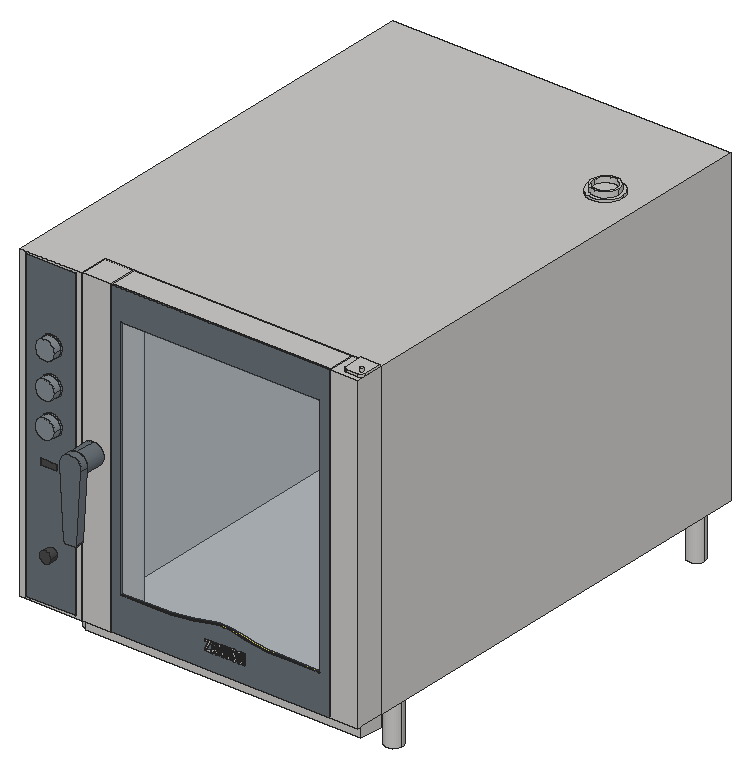
Revit family "QF_ZANUSSI_240456_ZFCE12CSDS", category Specialty Equipment, Revit 2023 (continued)
Definition of nested family "ZAN_DOOR_CROSSWISE_H820"
  Automatic sketch dimensions
    plane 13 to Extrusion 14 sketch curve = 38.728 mm
    plane 13 to Extrusion 14 sketch curve = 93.987 mm
    Extrusion 14 sketch curve to Extrusion 14 sketch curve = 1.078 mm  (x2)
    Extrusion 14 sketch curve to Extrusion 14 sketch curve = 20.088 mm  (x2)
    Extrusion 14 sketch curve to Extrusion 14 sketch curve = 0.669 mm
    plane 9 to Extrusion 14 sketch curve = 132.513 mm
    plane 9 to Extrusion 14 sketch curve = 125.32 mm
    plane 9 to Extrusion 14 sketch curve = 57.166 mm
    plane 16 to Extrusion 14 sketch curve = 93.896 mm
    Extrusion 14 sketch curve to Extrusion 14 sketch curve = 0.343 mm
    Extrusion 14 sketch curve to Extrusion 14 sketch curve = 0.346 mm
    Extrusion 14 sketch curve to Extrusion 14 sketch curve = 1.209 mm
    Extrusion 14 sketch curve to Extrusion 14 sketch curve = 5.816 mm  (x2)
    Extrusion 14 sketch curve to Extrusion 14 sketch curve = 5.779 mm
    Extrusion 14 sketch curve to Extrusion 14 sketch curve = 5.783 mm
    Extrusion 15 sketch curve to Extrusion 15 sketch curve = 0 mm  (x13)
    Extrusion 15 sketch curve to plane 9 = 0 mm
    plane 13 to Extrusion 15 sketch curve = 0 mm
    Extrusion 15 sketch curve to plane 4 "Top" = 59.547 mm  (x2)
    plane 8 to Extrusion 15 sketch curve = 0.808 mm  (x2)
    plane 17 to Extrusion 15 sketch curve = 113.011 mm  (x2)
    Extrusion 15 sketch curve to Extrusion 15 sketch curve = 0.173 mm  (x2)
    Extrusion 15 sketch curve to Extrusion 15 sketch curve = 19.857 mm  (x2)
    Extrusion 15 sketch curve to Extrusion 15 sketch curve = 19.97 mm  (x2)
    plane 16 to Extrusion 15 sketch curve = 75.313 mm  (x2)
    Extrusion 15 sketch curve to Extrusion 15 sketch curve = 0.426 mm  (x2)
    Extrusion 15 sketch curve to Extrusion 15 sketch curve = 2.497 mm  (x2)
    Extrusion 15 sketch curve to Extrusion 15 sketch curve = 2.422 mm  (x2)
    plane 16 to Extrusion 15 sketch curve = 72.277 mm  (x2)
    plane 5 "Feet" to Extrusion 15 sketch curve = 14.106 mm
    Extrusion 15 sketch curve to Extrusion 15 sketch curve = 14.485 mm
    Extrusion 15 sketch curve to Extrusion 15 sketch curve = 15.571 mm
    Extrusion 15 sketch curve to level = 90.354 mm
    plane 13 to Extrusion 15 sketch curve = 172.943 mm
    Extrusion 15 sketch curve to Extrusion 15 sketch curve = 250.632 mm
    plane 13 to Extrusion 15 sketch curve = 38.728 mm
    plane 13 to Extrusion 15 sketch curve = 66.611 mm
    Extrusion 15 sketch curve to Extrusion 15 sketch curve = 79.596 mm
    Extrusion 15 sketch curve to Extrusion 15 sketch curve = 14.39 mm
    Extrusion 15 sketch curve to Extrusion 15 sketch curve = 0.048 mm  (x2)
    plane 13 to Extrusion 15 sketch curve = 105.804 mm
    Extrusion 15 sketch curve to Extrusion 15 sketch curve = 1.078 mm  (x2)
    Extrusion 15 sketch curve to Extrusion 15 sketch curve = 1.817 mm
    Extrusion 15 sketch curve to Extrusion 15 sketch curve = 0.955 mm  (x2)
    Extrusion 15 sketch curve to Extrusion 15 sketch curve = 20.088 mm
    Extrusion 15 sketch curve to Extrusion 15 sketch curve = 0.061 mm  (x2)
    plane 13 to Extrusion 15 sketch curve = 221.698 mm
    Extrusion 15 sketch curve to Extrusion 15 sketch curve = 28.998 mm
    Extrusion 15 sketch curve to Extrusion 15 sketch curve = 2.06 mm
    Extrusion 15 sketch curve to Extrusion 15 sketch curve = 0.191 mm
    Extrusion 15 sketch curve to Extrusion 15 sketch curve = 0.669 mm
    Extrusion 15 sketch curve to Extrusion 15 sketch curve = 1.051 mm
    Extrusion 15 sketch curve to Extrusion 15 sketch curve = 5.17 mm
    Extrusion 15 sketch curve to Extrusion 15 sketch curve = 63.165 mm
    Extrusion 15 sketch curve to Extrusion 15 sketch curve = 160.676 mm
    plane 9 to Extrusion 15 sketch curve = 132.574 mm
    plane 9 to Extrusion 15 sketch curve = 126.275 mm
    Extrusion 15 sketch curve to Extrusion 15 sketch curve = 0.216 mm
    Extrusion 15 sketch curve to Extrusion 15 sketch curve = 20.101 mm
    Extrusion 15 sketch curve to Extrusion 15 sketch curve = 14.439 mm
    plane 9 to Extrusion 15 sketch curve = 85.049 mm
    plane 9 to Extrusion 15 sketch curve = 57.166 mm
    plane 16 to Extrusion 15 sketch curve = 93.896 mm
    Extrusion 15 sketch curve to Extrusion 15 sketch curve = 0.343 mm
    Extrusion 15 sketch curve to Extrusion 15 sketch curve = 0.346 mm
    Extrusion 15 sketch curve to Extrusion 15 sketch curve = 1.209 mm
    Extrusion 15 sketch curve to Extrusion 15 sketch curve = 2.747 mm
    Extrusion 15 sketch curve to Extrusion 15 sketch curve = 2.745 mm  (x2)
    Extrusion 15 sketch curve to Extrusion 15 sketch curve = 2.666 mm
    Extrusion 15 sketch curve to Extrusion 15 sketch curve = 2.667 mm
    Extrusion 15 sketch curve to Extrusion 15 sketch curve = 5.816 mm  (x2)
    Extrusion 15 sketch curve to Extrusion 15 sketch curve = 2.231 mm
    Extrusion 15 sketch curve to Extrusion 15 sketch curve = 5.779 mm
    Extrusion 15 sketch curve to Extrusion 15 sketch curve = 5.783 mm
    Extrusion 15 sketch curve to Extrusion 15 sketch curve = 2.602 mm
    Extrusion 15 sketch curve to Extrusion 15 sketch curve = 2.603 mm
    Extrusion 2 sketch curve to plane 4 "Top" = 0 mm
    Extrusion 2 sketch curve to plane 8 = 0 mm
    Extrusion 2 sketch curve to plane 9 = 0 mm
    Extrusion 2 sketch curve to plane 5 "Feet" = 0 mm
    plane 8 to Extrusion 2 sketch curve = 0.808 mm  (x2)
    plane 17 to Extrusion 2 sketch curve = 113.011 mm  (x2)
    Extrusion 2 sketch curve to Extrusion 2 sketch curve = 40 mm  (x2)
    plane 16 to Extrusion 2 sketch curve = 72.816 mm
    Extrusion 2 sketch curve to Extrusion 2 sketch curve = 0.351 mm  (x2)
    plane 16 to Extrusion 2 sketch curve = 72.277 mm
    Extrusion 2 sketch curve to Extrusion 2 sketch curve = 0.187 mm  (x2)
    plane 5 "Feet" to Extrusion 2 sketch curve = 51.274 mm
    Extrusion 2 sketch curve to Extrusion 2 sketch curve = 0 mm  (x5)
    Extrusion 2 sketch curve to Extrusion 2 sketch curve = 15.473 mm
    plane 9 to Extrusion 2 sketch curve = 191.381 mm
    Extrusion 2 sketch curve to level = 340.986 mm
    plane 15 to Extrusion 2 sketch curve = 0 mm
    plane 13 to Extrusion 2 sketch curve = 66.611 mm
    plane 13 to Extrusion 2 sketch curve = 79.596 mm
    Extrusion 2 sketch curve to Extrusion 2 sketch curve = 14.439 mm  (x2)
    plane 13 to Extrusion 2 sketch curve = 107.621 mm
    Extrusion 2 sketch curve to Extrusion 2 sketch curve = 0.216 mm  (x2)
    Extrusion 2 sketch curve to Extrusion 2 sketch curve = 20.101 mm  (x2)
    Extrusion 2 sketch curve to Extrusion 2 sketch curve = 160.676 mm
    Extrusion 2 sketch curve to Extrusion 2 sketch curve = 137.516 mm
    Extrusion 2 sketch curve to Extrusion 2 sketch curve = 1.285 mm
    Extrusion 2 sketch curve to Extrusion 2 sketch curve = 0.691 mm
    Extrusion 2 sketch curve to Extrusion 2 sketch curve = 3.257 mm
    plane 9 to Extrusion 2 sketch curve = 132.574 mm
    plane 9 to Extrusion 2 sketch curve = 126.275 mm
    plane 9 to Extrusion 2 sketch curve = 85.049 mm
    Extrusion 2 sketch curve to plane 14 = 0 mm
    plane 16 to Extrusion 2 sketch curve = 90.843 mm
    Extrusion 2 sketch curve to Extrusion 2 sketch curve = 0.408 mm
    Extrusion 2 sketch curve to Extrusion 2 sketch curve = 0.411 mm
    Extrusion 2 sketch curve to Extrusion 2 sketch curve = 0.755 mm
    Extrusion 2 sketch curve to Extrusion 2 sketch curve = 0.758 mm
    Extrusion 2 sketch curve to Extrusion 2 sketch curve = 5.38 mm
    Extrusion 2 sketch curve to Extrusion 2 sketch curve = 6.15 mm
    Extrusion 2 sketch curve to Extrusion 2 sketch curve = 6.154 mm
    plane 13 to Extrusion 2 sketch curve = 0 mm
    plane 17 to Extrusion 14 sketch curve = 112.838 mm  (x2)
    Extrusion 14 sketch curve to level = 90.354 mm
    Extrusion 14 sketch curve to plane 3 "Center (Left/Right)" = 205.804 mm
    Extrusion 14 sketch curve to plane 3 "Center (Left/Right)" = 321.698 mm
    Extrusion 14 sketch curve to Extrusion 14 sketch curve = 138.871 mm
    Extrusion 14 sketch curve to Extrusion 14 sketch curve = 63.165 mm
    Extrusion 8 sketch curve to plane 17 = 0 mm
    Extrusion 8 sketch curve to plane 18 = 0 mm
    plane 18 to Extrusion 8 sketch curve = 11.817 mm
    Extrusion 8 sketch curve to Extrusion 8 sketch curve = 4.988 mm
    Extrusion 8 sketch curve to plane 17 = 1.756 mm
    Extrusion 8 sketch curve to plane 12 = 19.055 mm
    Extrusion 8 sketch curve to plane 18 = 11.817 mm
    Extrusion 8 sketch curve to Extrusion 8 sketch curve = 4.99 mm
    Extrusion 8 sketch curve to Extrusion 8 sketch curve = 176.899 mm
    Extrusion 8 sketch curve to Extrusion 8 sketch curve = 0 mm
    Extrusion 8 sketch curve to Extrusion 8 sketch curve = 0.313 mm
    Extrusion 8 sketch curve to plane 11 = 0.013 mm
    plane 1 "Center (Front/Back)" to curve 5 = 0 mm
    curve 8 to plane 3 "Center (Left/Right)" = 0 mm
    curve 14 to plane 3 "Center (Left/Right)" = 2.67 mm
    curve 12 to plane 3 "Center (Left/Right)" = 12.67 mm
    curve 16 to curve 13 = 4.431 mm
    curve 15 to curve 11 = 10 mm
    curve 4 to plane 12 = 11.987 mm
    curve 3 to plane 11 = 0.013 mm
    curve 6 to plane 11 = 0.004 mm
    curve 3 to curve 2 = 74.533 mm
    curve 13 to curve 16 = 8.081 mm
    curve 10 to plane 10 = 0 mm
    plane 9 to curve 9 = 0 mm
    curve 3 to curve 1 = 20 mm
    Extrusion 13 sketch curve to plane 6 "Front" = 0 mm
    Extrusion 13 sketch curve to plane 3 "Center (Left/Right)" = 0 mm
    Extrusion 13 sketch curve to plane 3 "Center (Left/Right)" = 17.33 mm
    plane 6 "Front" to Extrusion 13 sketch curve = 22.83 mm
    plane 11 to Extrusion 13 sketch curve = 0.004 mm
    curve 15 to plane 10 = 22.33 mm
    curve 3 to plane 6 "Front" = 75 mm
    plane 6 "Front" to curve 12 = 15 mm
    curve 18 to plane 6 "Front" = 0 mm
    curve 18 to plane 3 "Center (Left/Right)" = 0 mm
    curve 18 to curve 13 = 4.66 mm
    curve 18 to curve 13 = 2.17 mm
    curve 17 to curve 7 = 672.575 mm
    plane 11 to curve 18 = 0.004 mm
    radius of Extrusion 9 sketch curve = 28 mm
    radius of Extrusion 11 sketch curve = 5 mm
    radius of curve 16 = 5 mm
